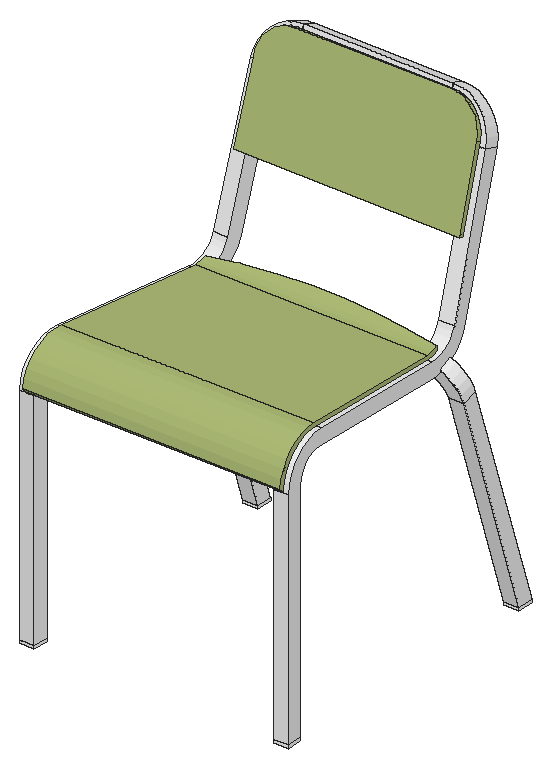
Revit family
Parameters (values of type "1951")
  Width = 18 1/2"
  Weight (lbs) = 8
  Warranties = "7 Year Warranty"  # constant formula
  URL = "www.emeco.net"
  Trolly for tow Stacks = "Yes"  # constant formula
  Stackable = "Stacks 6 High"  # constant formula
  Spinneybeck Volo Leather = "N/A"  # constant formula
  Sound Attenuation Pad = ""
  Seat Material = "EMECO-Abs"  # constant formula
  Seat Height = 18"
  Seat & Back Finish Option [instance] = Emeco-Shared-Seat_Back-1951 : Green
  Product Name = "1951™ Stacking Chair"  # constant formula
  Outdoor Warranty = "2 Yr Warranty For, White, Gray"  # constant formula
  Model = "1951"  # constant formula
  Manufacturer = "Emeco"  # constant formula
  Integrated Felt Glide = "Yes"  # constant formula
  Height = 30 1/4"
  Glides = EMECO-Lexan® Glides
  Frame Material = "EMECO-Recycled Aluminum"  # constant formula
  Frame Finish = EMECO-Hand Brushed
  Fire Retardant Seat Pad = "N/A"  # constant formula
  Fire Retardant = "Gray And Black Certified Acc To Bs And Cal133"  # constant formula
  Depth = 20 1/4"
  Created by = "Contino"  # constant formula
  Collaborator = "Adrian Van Hooydonk And Bmw Designworks"  # constant formula
  Back Material = "EMECO-Abs"  # constant formula
  BIFMA = "Yes"  # constant formula
  Assembly Code = "E2020200"
Reference planes (in)
  plane 1 "Center Front/Back": y = -0.40047
  plane 2: z = 0
  plane 3 "Center Left/Right": x = 0
  plane 4 "Top 2": z = 30.25
  plane 5 "Left 1": x = -9.25562
  plane 6 "Right 1": x = 9.24438
  plane 7 "Front 1": y = -20.25
  plane 8 "Top 1": z = 18
  plane 9 "Back 1": y = 0
Forms (in)
  Extrusion 1, solid, material "EMECO-Hand Brushed" <- "Frame Finish"
    sketch origin (1.38842, -0.29152, 0) x (0.063642, 0.997973, 0) y (0, 0, 1)
      loop
        arc (-7.32405, 16.14815) -> (-5.50323, 16.63832) -> (-4.37414, 18.14855) r 2.88495
        line (-4.37414, 18.14855) -> (-1.48074, 27.39429) -> (-2.43527, 27.6924) -> (-5.3285, 18.44721)
        arc (-5.3285, 18.44721) -> (-6.06703, 17.46434) -> (-7.25444, 17.14571) r 1.88534
        line (-7.25444, 17.14571) -> (-17.4625, 17.86098)
        arc (-17.4625, 17.86098) -> (-19.4959, 17.15969) -> (-20.40146, 15.20866) r 2.74831
        line (-20.40146, 15.20866) -> (-20.40146, 0.1875) -> (-19.40343, 0.1875) -> (-19.3999, 15.31784)
        arc (-19.3999, 15.31784) -> (-18.83566, 16.46307) -> (-17.62555, 16.86996) r 1.66155
        line (-17.62555, 16.86996) -> (-7.32405, 16.14815)
    from -9.12514 to -8.12377
  Extrusion 2, solid, material "EMECO-Hand Brushed" <- "Frame Finish"
    sketch origin (0, 0.32272, 0) x (0, 1, 0) y (0, 0, 1)
      loop
        line (-5.11899, 14.76141) -> (-6.07005, 14.4524) -> (-1.4351, 0.1875) -> (-0.38364, 0.1875) -> (-5.11899, 14.76141)
    from 8.25197 to 9.24437
  Extrusion 3, solid, material "EMECO-Hand Brushed" <- "Frame Finish"
    sketch origin (0, 0.32272, 0) x (0, 1, 0) y (0, 0, -1)
      loop
        line (-5.11899, -14.76141) -> (-0.38364, -0.1875) -> (-1.4351, -0.1875) -> (-6.07005, -14.4524) -> (-5.11899, -14.76141)
    from 8.25197 to 9.25197
  Extrusion 4, solid, material "EMECO-Hand Brushed" <- "Frame Finish"
    sketch origin (0, 4.6337, 2.30433) x (1, 0, 0) y (0, -0.309017, 0.951057)
      loop
        arc (6.78346, 16.23535) -> (7.82443, 15.80343) -> (8.25381, 14.76141) r 1.47035
        line (8.25381, 14.76141) -> (9.25508, 14.76141)
        arc (9.25508, 14.76141) -> (8.53127, 16.50932) -> (6.78346, 17.23335) r 2.47161
        line (6.78346, 17.23335) -> (-6.78346, 17.23335)
        arc (-6.78346, 17.23335) -> (-8.53127, 16.50932) -> (-9.25508, 14.76141) r 2.47161
        line (-9.25508, 14.76141) -> (-8.25381, 14.76141)
        arc (-8.25381, 14.76141) -> (-7.82443, 15.80343) -> (-6.78346, 16.23535) r 1.47035
        line (-6.78346, 16.23535) -> (6.78346, 16.23535)
    from 5.11899 to 6.11899
  Extrusion 5, solid, material "EMECO-Hand Brushed" <- "Frame Finish"
    sketch origin (-1.38842, -0.29152, 0.00145) x (-0.063642, 0.997973, 0) y (0, 0, -1)
      loop
        line (-7.32405, -16.14815) -> (-17.62555, -16.86996)
        arc (-17.62555, -16.86996) -> (-18.83566, -16.46307) -> (-19.3999, -15.31784) r 1.66155
        line (-19.3999, -15.31784) -> (-19.40343, -0.18605) -> (-20.40146, -0.18605) -> (-20.40146, -15.20866)
        arc (-20.40146, -15.20866) -> (-19.4959, -17.15969) -> (-17.4625, -17.86098) r 2.74831
        line (-17.4625, -17.86098) -> (-7.25444, -17.14571)
        arc (-7.25444, -17.14571) -> (-6.06703, -17.46434) -> (-5.3285, -18.44721) r 1.88534
        line (-5.3285, -18.44721) -> (-2.43527, -27.6924) -> (-1.48074, -27.39429) -> (-4.37414, -18.14855)
        arc (-4.37414, -18.14855) -> (-5.50323, -16.63832) -> (-7.32405, -16.14815) r 2.88495
    from -9.12514 to -8.12377
  SweptBlend 6, solid, material "EMECO-Hand Brushed" <- "Frame Finish"
    path origin (-0.05356, -11.80125, -6.33618) x (-0.0017, -0.298235, -0.954491) y (0.999998, 0, -0.001781)
      loop
        arc (-35.37405, 7.80751) -> (-37.32552, 6.96572) -> (-38.13514, 5.00068) r 2.82
    profile origin (7.81407, -1.25173, 27.41421) x (-0.999816, -0.006227, -0.01815) y (0.000531, -0.954492, 0.298234)
      loop
        line (0.94088, 0.99273) -> (-0.05903, 0.93187) -> (0.00168, -0.06585) -> (1.0011, -0.00556) -> (0.94088, 0.99273)
    end profile origin (5.01193, -0.42828, 30.05465) x (-0.00615, -0.298232, -0.954474) y (0.000531, -0.954492, 0.298234)
      loop
        line (0.05343, 0.00888) -> (1.02932, 0.00848) -> (0.97462, 0.93113) -> (-0.00125, 0.93126) -> (0.05343, 0.00888)
  Extrusion 7, solid, material "EMECO-Hand Brushed" <- "Frame Finish"
    sketch origin (0, 3.37977, -11.09395) x (0, 1, 0) y (0, 0, 1)
      loop
        spline (-4.69748, 41.4243) -> (-4.69855, 41.4208) -> (-4.70411, 41.40295) -> (-4.71412, 41.37087) -> (-4.72852, 41.3247) -> (-4.74724, 41.26471) -> (-4.77019, 41.1912) -> (-4.79724, 41.10456) -> (-4.82825, 41.00526) -> (-4.86305, 40.89381) -> (-4.90147, 40.7708) -> (-4.94329, 40.63689) -> (-4.9883, 40.49277)
        line (-4.9883, 40.49277) -> (-4.12427, 40.16552) -> (-3.83361, 41.09711) -> (-4.69748, 41.4243)
    from -5.01479 to 5.01301
  SweptBlend 8, solid, material "EMECO-Hand Brushed" <- "Frame Finish"
    path origin (0.05969, -11.79712, -6.33891) x (0.001866, -0.298234, -0.954491) y (-0.999998, -0.000556, -0.001781)
      loop
        arc (-35.37319, 7.80994) -> (-37.32466, 6.96815) -> (-38.13428, 5.00311) r 2.82
    profile origin (-7.81623, -1.25196, 27.41057) x (-0.999819, 0.005671, 0.01815) y (0, -0.954492, 0.298235)
      loop
        line (-0.94248, 0.99356) -> (-1.00323, -0.00459) -> (-0.00445, -0.06537) -> (0.0563, 0.93278) -> (-0.94248, 0.99356)
    end profile origin (-5.01455, -0.42695, 30.051) x (-0.006316, 0.298229, 0.954473) y (0, -0.954492, 0.298235)
      loop
        line (-0.0528, 0.01139) -> (0.00187, 0.9335) -> (-0.974, 0.93337) -> (-1.02869, 0.01099) -> (-0.0528, 0.01139)
  Extrusion 9, solid, material "EMECO-Lexan® Glides" <- "Glides"
    sketch origin (0, 0, 0) x (1, 0, 0) y (0, 1, 0)
      loop
        line (-9.01662, -20.07087) -> (-8.01728, -20.1346) -> (-7.95354, -19.13508) -> (-8.95288, -19.07135) -> (-9.01662, -20.07087)
      loop
        line (9.01662, -20.07087) -> (8.95288, -19.07135) -> (7.95354, -19.13508) -> (8.01728, -20.1346) -> (9.01662, -20.07087)
      loop
        line (-9.25197, -1.09208) -> (-8.25197, -1.09208) -> (-8.25197, -0.04061) -> (-9.25197, -0.04061) -> (-9.25197, -1.09208)
      loop
        line (9.24438, -1.09208) -> (9.24438, -0.04061) -> (8.25197, -0.04061) -> (8.25197, -1.09208) -> (9.24438, -1.09208)
    from 0 to 0.1875
Cuts and joins
  joined: Extrusion 4, Extrusion 5
Lines and regions (in)
  Masking region 1
    outline origin (0, -9.26143, 0) x (0, 1, 0) y (0, 0, 1)
      loop
        line (7.84674, 29.99754) -> (7.61139, 30.07108) -> (5.41082, 23.02827) -> (5.55909, 22.98194) -> (4.07231, 18.22138) -> (3.84401, 17.84033) -> (3.76225, 17.92209)
        arc (3.76225, 17.92209) -> (3.11347, 17.47225) -> (2.34942, 17.27349) r 2.2559
        line (2.34942, 17.27349) -> (-8.04014, 18)
        arc (-8.04014, 18) -> (-10.01302, 17.26824) -> (-10.98857, 15.40384) r 2.93389
        line (-10.98857, 15.40384) -> (-10.75218, 15.16746) -> (-10.75218, 0) -> (-9.77026, 0) -> (-9.76671, 15.20959)
        arc (-9.76671, 15.20959) -> (-9.16513, 16.28105) -> (-8.03326, 16.75941) r 1.89786
        line (-8.03326, 16.75941) -> (2.23351, 16.04003)
        arc (2.23351, 16.04003) -> (2.59726, 16.03751) -> (2.95844, 16.08074) r 2.88771
        line (2.95844, 16.08074) -> (8.18339, 0) -> (9.23485, 0) -> (3.89441, 16.43619)
        arc (3.89441, 16.43619) -> (4.67455, 17.12171) -> (5.15881, 18.04044) r 2.86289
        line (5.15881, 18.04044) -> (8.86096, 29.89494) -> (7.92563, 30.25) -> (7.84674, 29.99754)
  Masking region 2
    outline origin (0.00518, -0.40047, 0) x (1, 0, 0) y (0, 0, 1)
      loop
        line (5.24047, 30.25) -> (-5.25084, 30.25)
        arc (-5.25084, 30.25) -> (-7.09521, 29.4475) -> (-7.87858, 27.59493) r 2.71019
        line (-7.87858, 27.59493) -> (-8.06956, 17.99153)
        spline (-8.06956, 17.99153) -> (-8.09955, 17.99232) -> (-8.12955, 17.99304) -> (-8.15954, 17.99369) -> (-8.18954, 17.99428) -> (-8.21955, 17.99479) -> (-8.24955, 17.99524) -> (-8.27955, 17.99562) -> (-8.30956, 17.99593) -> (-8.33957, 17.99617) -> (-8.36957, 17.99634) -> (-8.39958, 17.99644) -> (-8.42959, 17.99648)
        line (-8.42959, 17.99648) -> (-8.47663, 17.95394) -> (-8.5133, 17.76704) -> (-8.83802, 17.76704)
        arc (-8.83802, 17.76704) -> (-8.98524, 16.69677) -> (-9.01543, 15.61685) r 9.93961
        arc (-9.01543, 15.61685) -> (-9.19869, 15.09078) -> (-9.26081, 14.53717) r 2.49798
        line (-9.26081, 14.53717) -> (-9.26081, 0) -> (-7.95885, 0) -> (-7.95885, 15.16394) -> (7.94848, 15.16394) -> (7.94848, 0) -> (9.23872, 0) -> (9.23872, 14.53717)
        arc (9.23872, 14.53717) -> (9.17661, 15.09078) -> (8.99334, 15.61685) r 2.49798
        arc (8.99334, 15.61685) -> (8.96315, 16.69677) -> (8.81594, 17.76704) r 9.93961
        line (8.81594, 17.76704) -> (8.49121, 17.76704) -> (8.45455, 17.95394) -> (8.40751, 17.99647)
        spline (8.40751, 17.99647) -> (8.37848, 17.99641) -> (8.34944, 17.99629) -> (8.32041, 17.9961) -> (8.29138, 17.99585) -> (8.26235, 17.99554) -> (8.23333, 17.99516) -> (8.2043, 17.99471) -> (8.17527, 17.99421) -> (8.14625, 17.99363) -> (8.11723, 17.993) -> (8.08821, 17.9923) -> (8.05919, 17.99153)
        line (8.05919, 17.99153) -> (7.86821, 27.59493)
        arc (7.86821, 27.59493) -> (7.08484, 29.4475) -> (5.24047, 30.25) r 2.71019
      loop
        line (6.89795, 22.8527) -> (-6.90832, 22.8527) -> (-7.00644, 17.91896)
        spline (-7.00644, 17.91896) -> (-6.94937, 17.91259) -> (-6.89234, 17.90597) -> (-6.83535, 17.8991) -> (-6.7784, 17.89198) -> (-6.7215, 17.88462) -> (-6.66464, 17.877) -> (-6.60782, 17.86913) -> (-6.55105, 17.86101) -> (-6.49433, 17.85265) -> (-6.43766, 17.84403) -> (-6.38104, 17.83517) -> (-6.32447, 17.82606)
        spline (-6.32447, 17.82606) -> (-6.1507, 17.79889) -> (-5.97647, 17.77406) -> (-5.80181, 17.75157) -> (-5.62677, 17.73144) -> (-5.4514, 17.71366) -> (-5.27572, 17.69825) -> (-5.09979, 17.6852) -> (-4.92364, 17.67452) -> (-4.74733, 17.66621) -> (-4.57088, 17.66027) -> (-4.39435, 17.65671) -> (-4.21778, 17.65552)
        spline (-4.21778, 17.65552) -> (-4.04124, 17.65671) -> (-3.86475, 17.66027) -> (-3.68834, 17.6662) -> (-3.51206, 17.67451) -> (-3.33594, 17.68519) -> (-3.16004, 17.69823) -> (-2.9844, 17.71364) -> (-2.80905, 17.73141) -> (-2.63404, 17.75154) -> (-2.45942, 17.77401) -> (-2.28522, 17.79884) -> (-2.11148, 17.826)
        spline (-2.11148, 17.826) -> (-1.93775, 17.85316) -> (-1.76355, 17.87798) -> (-1.58892, 17.90046) -> (-1.41391, 17.92059) -> (-1.23857, 17.93835) -> (-1.06292, 17.95376) -> (-0.88702, 17.96681) -> (-0.71091, 17.97748) -> (-0.53463, 17.98579) -> (-0.35822, 17.99173) -> (-0.18172, 17.99529) -> (-0.00518, 17.99648)
        spline (-0.00518, 17.99648) -> (0.17135, 17.99529) -> (0.34785, 17.99173) -> (0.52426, 17.98579) -> (0.70054, 17.97748) -> (0.87666, 17.96681) -> (1.05256, 17.95376) -> (1.2282, 17.93835) -> (1.40355, 17.92059) -> (1.57855, 17.90046) -> (1.75318, 17.87798) -> (1.92738, 17.85316) -> (2.10112, 17.826)
        spline (2.10112, 17.826) -> (2.27485, 17.79884) -> (2.44905, 17.77401) -> (2.62368, 17.75154) -> (2.79868, 17.73141) -> (2.97403, 17.71364) -> (3.14968, 17.69823) -> (3.32558, 17.68519) -> (3.50169, 17.67451) -> (3.67797, 17.6662) -> (3.85438, 17.66027) -> (4.03088, 17.65671) -> (4.20741, 17.65552)
        spline (4.20741, 17.65552) -> (4.38399, 17.65671) -> (4.56051, 17.66027) -> (4.73696, 17.66621) -> (4.91327, 17.67452) -> (5.08942, 17.6852) -> (5.26535, 17.69825) -> (5.44103, 17.71366) -> (5.61641, 17.73144) -> (5.79145, 17.75157) -> (5.9661, 17.77406) -> (6.14034, 17.79889) -> (6.3141, 17.82606)
        spline (6.3141, 17.82606) -> (6.37067, 17.83517) -> (6.42729, 17.84403) -> (6.48396, 17.85265) -> (6.54068, 17.86101) -> (6.59745, 17.86913) -> (6.65427, 17.877) -> (6.71113, 17.88462) -> (6.76804, 17.89198) -> (6.82498, 17.8991) -> (6.88197, 17.90597) -> (6.939, 17.91259) -> (6.99607, 17.91896)
        line (6.99607, 17.91896) -> (6.89795, 22.8527)
  Masking region 3
    outline origin (-0.50759, -12.68009, 0) x (1, 0, 0) y (0, 1, 0)
      loop
        line (-8.75197, 12.68009) -> (-8.75197, 6.90659)
        arc (-8.75197, 6.90659) -> (-8.54026, 6.62101) -> (-8.23411, 6.44031) r 0.89549
        line (-8.23411, 6.44031) -> (-7.64368, 6.271) -> (-8.51098, -7.34989) -> (-8.12104, -7.37472) -> (-8.12104, -7.56991) -> (9.12104, -7.56991) -> (9.12104, -7.37472) -> (9.51098, -7.34989) -> (8.64368, 6.271) -> (9.23411, 6.44031)
        arc (9.23411, 6.44031) -> (9.54026, 6.62101) -> (9.75197, 6.90659) r 0.89549
        line (9.75197, 6.90659) -> (9.75197, 12.68009) -> (8.75197, 12.68009) -> (8.75197, 7.85765) -> (8.55693, 7.63328) -> (8.31275, 11.46814)
        arc (8.31275, 11.46814) -> (8.24998, 11.65231) -> (8.10274, 11.7795) r 0.37156
        arc (8.10274, 11.7795) -> (7.82788, 11.92867) -> (7.53311, 12.03312) r 1.99771
        arc (7.53311, 12.03312) -> (6.64363, 12.21281) -> (5.73864, 12.27962) r 7.22612
        line (5.73864, 12.27962) -> (-4.58182, 12.27962)
        arc (-4.58182, 12.27962) -> (-5.56589, 12.22306) -> (-6.53311, 12.03312) r 7.22612
        arc (-6.53311, 12.03312) -> (-6.82788, 11.92867) -> (-7.10274, 11.7795) r 1.99771
        arc (-7.10274, 11.7795) -> (-7.24998, 11.65231) -> (-7.31275, 11.46814) r 0.37156
        line (-7.31275, 11.46814) -> (-7.55693, 7.63328) -> (-7.75197, 7.85765) -> (-7.75197, 12.68009) -> (-8.75197, 12.68009)
      loop
        line (7.47871, 8.82989) -> (-6.47871, 8.82989) -> (-6.56952, 7.40385) -> (7.56952, 7.40385) -> (7.47871, 8.82989)
  symbolic lines
    curve 1: line (-5.19509, -0.40047, 30.06148) -> (5.19509, -0.40047, 30.06148)
    curve 2: line (-7.64747, -0.40047, 22.8527) -> (-7.56487, -0.40047, 27.83505)
    curve 3: arc (-5.19509, -0.40047, 30.06148) -> (-6.82089, -0.40047, 29.41755) -> (-7.56487, -0.40047, 27.83505) r 2.3744
    curve 4: line (-6.18064, -0.40047, 22.8527) -> (-6.22273, -0.40047, 24.81274)
    curve 5: arc (-6.22273, -0.40047, 24.81274) -> (-5.92773, -0.40047, 26.17586) -> (-5.04825, -0.40047, 27.25826) r 2.99989
    curve 6: line (6.01763, -0.40047, 22.8527) -> (6.05972, -0.40047, 24.81274)
    curve 7: arc (6.05972, -0.40047, 24.81274) -> (5.76472, -0.40047, 26.17586) -> (4.88524, -0.40047, 27.25826) r 2.99989
    curve 8: arc (-5.04825, -0.40047, 27.25826) -> (-0.0815, -0.40047, 28.96017) -> (4.88524, -0.40047, 27.25826) r 8.09827
    curve 9: spline (-7.00125, -0.40047, 17.91896) -> (-7.08949, -0.40047, 17.92831) -> (-7.17782, -0.40047, 17.93706) -> (-7.26622, -0.40047, 17.94521) -> (-7.35469, -0.40047, 17.95276) -> (-7.44323, -0.40047, 17.95971) -> (-7.53183, -0.40047, 17.96606) -> (-7.62048, -0.40047, 17.97181) -> (-7.70918, -0.40047, 17.97695) -> (-7.79793, -0.40047, 17.9815) -> (-7.88671, -0.40047, 17.98545) -> (-7.97553, -0.40047, 17.98879) -> (-8.06437, -0.40047, 17.99153)
    curve 10: arc (-8.62139, -0.40047, 15.16394) -> (-8.59624, -0.40047, 16.46684) -> (-8.50886, -0.40047, 17.76704) r 27.25966
    curve 11: line (-9.01575, -0.40047, 0.1875) -> (-9.01575, -0.40047, 15.10197)
    curve 12: line (-9.01025, -0.40047, 15.61685) -> (-9.01575, -0.40047, 15.10197)
    curve 13: line (-7.95366, -0.40047, 15.16394) -> (-8.62139, -0.40047, 15.16394)
    curve 14: line (-6.90314, -0.40047, 22.8527) -> (-7.64747, -0.40047, 22.8527)
    curve 15: line (7.64747, -0.40047, 22.8527) -> (7.56487, -0.40047, 27.83505)
    curve 16: arc (5.19509, -0.40047, 30.06148) -> (6.82089, -0.40047, 29.41755) -> (7.56487, -0.40047, 27.83505) r 2.3744
    curve 17: spline (7.00125, -0.40047, 17.91896) -> (7.08949, -0.40047, 17.92831) -> (7.17782, -0.40047, 17.93706) -> (7.26622, -0.40047, 17.94521) -> (7.35469, -0.40047, 17.95276) -> (7.44323, -0.40047, 17.95971) -> (7.53183, -0.40047, 17.96606) -> (7.62048, -0.40047, 17.97181) -> (7.70918, -0.40047, 17.97695) -> (7.79793, -0.40047, 17.9815) -> (7.88671, -0.40047, 17.98545) -> (7.97553, -0.40047, 17.98879) -> (8.06437, -0.40047, 17.99153)
    curve 18: arc (8.60918, -0.40047, 15.16394) -> (8.58404, -0.40047, 16.46684) -> (8.49666, -0.40047, 17.76704) r 27.25966
    curve 19: line (9.01575, -0.40047, 0.1875) -> (9.01575, -0.40047, 15.10197)
    curve 20: line (8.99853, -0.40047, 15.61685) -> (9.01575, -0.40047, 15.10197)
    curve 21: line (7.95366, -0.40047, 15.16394) -> (8.60918, -0.40047, 15.16394)
    curve 22: line (6.90314, -0.40047, 22.8527) -> (7.64747, -0.40047, 22.8527)
    curve 23: line (-7.65392, -3.8502, 0) -> (-7.57247, -2.31495, 0)
    curve 24: line (-5.20269, -1.61929, 0) -> (5.1875, -1.61929, 0)
    curve 25: arc (-7.57247, -2.31495, 0) -> (-7.26502, -2.00003, 0) -> (-6.85786, -1.83295, 0) r 1.08623
    curve 26: arc (-6.85786, -1.83295, 0) -> (-6.03714, -1.67292, 0) -> (-5.20269, -1.61929, 0) r 6.5181
    curve 27: line (-6.18971, -3.8502, 0) -> (-6.22227, -3.25955, 0)
    curve 28: arc (-6.22227, -3.25955, 0) -> (-6.14436, -3.04522, 0) -> (-5.98588, -2.88124, 0) r 0.54733
    curve 29: arc (-1.26419, -5.27624, 0) -> (-4.49217, -5.4385, 0) -> (-7.70856, -5.75638, 0) r 66.93996
    curve 30: line (-7.70856, -5.75638, 0) -> (-8.62863, -20.05481, 0)
    curve 31: line (5.40818, -1.33517, 0) -> (-5.09592, -1.33517, 0)
    curve 32: arc (-7.88099, -2.16438, 0) -> (-7.68887, -1.89536, 0) -> (-7.41986, -1.70324, 0) r 1.0048
    curve 33: arc (-7.41986, -1.70324, 0) -> (-6.27471, -1.41299, 0) -> (-5.09592, -1.33517, 0) r 6.48876
    curve 34: line (-6.98631, -3.8502, 0) -> (-7.65392, -3.8502, 0)
    curve 35: line (6.01046, -3.8502, 0) -> (6.04302, -3.25955, 0)
    curve 36: arc (6.04302, -3.25955, 0) -> (5.96511, -3.04522, 0) -> (5.80663, -2.88124, 0) r 0.54733
    curve 37: arc (-5.98588, -2.88124, 0) -> (-5.5425, -2.64451, 0) -> (-5.06031, -2.50265, 0) r 2.46463
    curve 38: arc (5.80663, -2.88124, 0) -> (5.46056, -2.68678, 0) -> (5.08776, -2.5504, 0) r 2.46463
    curve 39: arc (-5.06031, -2.50265, 0) -> (0.01644, -1.94805, 0) -> (5.08776, -2.5504, 0) r 22.54266
    curve 40: line (7.63873, -3.8502, 0) -> (7.55728, -2.31495, 0)
    curve 41: arc (7.55728, -2.31495, 0) -> (7.24984, -2.00003, 0) -> (6.84267, -1.83295, 0) r 1.08623
    curve 42: arc (6.84267, -1.83295, 0) -> (6.02195, -1.67292, 0) -> (5.1875, -1.61929, 0) r 6.5181
    curve 43: arc (1.249, -5.27624, 0) -> (4.47698, -5.4385, 0) -> (7.69337, -5.75638, 0) r 66.93996
    curve 44: line (7.69337, -5.75638, 0) -> (8.61344, -20.05481, 0)
    curve 45: arc (7.8658, -2.16438, 0) -> (7.67369, -1.89536, 0) -> (7.40467, -1.70324, 0) r 1.0048
    curve 46: arc (7.40467, -1.70324, 0) -> (6.42091, -1.44064, 0) -> (5.40818, -1.33517, 0) r 6.48876
    curve 47: line (6.97112, -3.8502, 0) -> (7.63873, -3.8502, 0)
    curve 48: line (-8.15127, -6.40909, 0) -> (-8.06453, -5.04681, 0)
    curve 49: arc (-9.25956, -4.82244, 0) -> (-9.0363, -5.11826, 0) -> (-8.7123, -5.29817, 0) r 0.89445
    curve 50: line (-8.7123, -5.29817, 0) -> (-8.09266, -5.48864, 0)
    curve 51: line (8.13608, -6.40909, 0) -> (8.04934, -5.04681, 0)
    curve 52: arc (9.24437, -4.82244, 0) -> (9.02111, -5.11826, 0) -> (8.69711, -5.29817, 0) r 0.89445
    curve 53: line (8.69711, -5.29817, 0) -> (8.07747, -5.48864, 0)
    curve 54: arc (0, -20.01361, 15.16746) -> (0, -19.14012, 17.05434) -> (0, -17.18399, 17.75924) r 2.69724
    curve 55: line (0, -17.18399, 17.75924) -> (0, -6.90881, 17.03928)
    curve 56: line (0, -1.40794, 30.10411) -> (0, -3.6956, 22.98194)
    curve 57: line (0, -5.58371, 17.10305) -> (0, -5.36592, 16.43277)
    curve 58: line (0, -6.53476, 16.79403) -> (0, -6.303, 16.08074)
    curve 59: arc (0, -6.90881, 17.03928) -> (0, -6.07297, 17.27177) -> (0, -5.41753, 17.84017) r 1.97405
    curve 60: line (0, -6.53476, 16.79403) -> (0, -5.58371, 17.10305)
    curve 61: line (-7.95376, -0.40047, 0.1875) -> (-9.25562, -0.40047, 0.1875)
    curve 62: line (7.95376, -0.40047, 0.1875) -> (9.24438, -0.40047, 0.1875)
    curve 63: line (0, -19.03165, 0.1875) -> (0, -20.01361, 0.1875)
    curve 64: line (0, -0.08751, 0.1875) -> (0, -1.13897, 0.1875)
Dimensions and locks (in)
  plane 4 "Top 2" to level = 30 1/4"
  level to plane 4 "Top 2" = 30 1/4"
  plane 5 "Left 1" to plane 6 "Right 1" = 18 1/2"
  plane 9 "Back 1" to plane 7 "Front 1" = 20 1/4"
  plane 7 "Front 1" to plane 1 "Center Front/Back" = 19.84953"
  plane 6 "Right 1" to plane 5 "Left 1" = 18 1/2"
  plane 8 "Top 1" to level = 18"  (x2)
Nested families (in)
  nested 1: "Emeco-Shared-Seat_Back-1951" at (0, -1.42282, 18.08594), type <- "Seat & Back Finish Option", type "Green"
Definition of nested family "Emeco-Shared-Seat_Back-1951"
  Parameters (values of type "Black")
    URL = ""
    Seat & Back Finish = EMECO-Black
    Manufacturer = ""
    Assembly Code = ""
  Types (10): name | Seat & Back Finish
    Yellow | EMECO-Yellow
    Black | EMECO-Black
    Green | EMECO-Green
    Red | EMECO-Red
    Navy Blue | EMECO-Navy Blue
    Gray | EMECO-Gray
    White | EMECO-White
    Cherry Natural | EMECO-Cherry Natural
    Mahogany Natural | EMECO-Mahogany Natural
    Maple Natural | EMECO-Maple Natural
  Reference planes (in)
    plane 1 "Center (Front/Back)": y = 0
    plane 2: z = 0
    plane 3 "Center (Left/Right)": x = 0
  Forms (in)
    Extrusion 1, solid, material "EMECO-Black" <- "Seat & Back Finish"
      sketch origin (0, 0.99614, -18.10291) x (0, 1, 0) y (0, 0, 1)
        loop
          line (-4.8649, 17.79116) -> (-5.10131, 18.02757)
          arc (-5.10131, 18.02757) -> (-5.72787, 17.55756) -> (-6.49066, 17.3797) r 1.90309
          line (-6.49066, 17.3797) -> (-16.83661, 18.10316)
          arc (-16.83661, 18.10316) -> (-18.90413, 17.43138) -> (-19.92473, 15.51192) r 2.90161
          line (-19.92473, 15.51192) -> (-19.68344, 15.27064)
          arc (-19.68344, 15.27064) -> (-18.77441, 16.82664) -> (-17.10054, 17.4942) r 2.77015
          arc (-17.10054, 17.4942) -> (-14.85911, 17.43121) -> (-12.6533, 17.02831) r 14.7114
          arc (-12.6533, 17.02831) -> (-10.25988, 16.65) -> (-7.87162, 17.05956) r 7.45241
          arc (-7.87162, 17.05956) -> (-7.50641, 17.15091) -> (-7.13085, 17.17688) r 2.1411
          line (-7.13085, 17.17688) -> (-6.32, 17.12018)
          arc (-6.32, 17.12018) -> (-5.52055, 17.29975) -> (-4.8649, 17.79116) r 1.95499
      from -9.50936 to 9.94066
    Extrusion 2, void
      sketch origin (0, 0.99614, -18.10291) x (1, 0, 0) y (0, 1, 0)
        loop
          line (-8.62103, -19.92473) -> (-7.72906, -5.6852)
          arc (-7.72906, -5.6852) -> (0.00009, -5.16989) -> (7.72915, -5.68664) r 58.14105
          line (7.72915, -5.68664) -> (8.62103, -19.92473) -> (8.62103, -20.67473) -> (12.87103, -20.67473) -> (12.87103, -3.67473) -> (0, -3.67473) -> (-12.87103, -3.67473) -> (-12.87103, -20.67473) -> (-8.62103, -20.67473) -> (-8.62103, -19.92473)
      from 14.54329 to 19.13641
    Extrusion 3, solid, material "EMECO-Black" <- "Seat & Back Finish"
      sketch origin (0, -6.03184, -18.00037) x (1, 0, 0) y (0, 0.298235, 0.954492)
        loop
          line (-7.6476, 22.95125) -> (7.48748, 22.95125) -> (7.4006, 28.19174)
          arc (7.4006, 28.19174) -> (6.68637, 29.80592) -> (5.03082, 30.41817) r 2.26637
          line (5.03082, 30.41817) -> (-5.33844, 30.41817)
          arc (-5.33844, 30.41817) -> (-6.94906, 29.72891) -> (-7.56245, 28.0879) r 2.22643
          line (-7.56245, 28.0879) -> (-7.6476, 22.95125)
      from 3.1856 to 3.42183
  Cuts and joins
    Extrusion 2 cuts Extrusion 1
